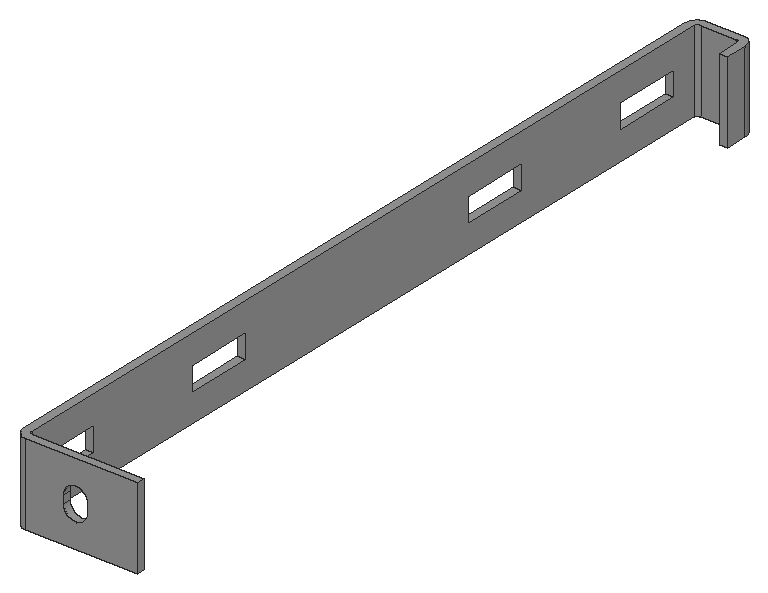
Revit family "Abhängebügel- AHB 22 314 FT", category Generic Models, Revit 2017
Family settings
  Can host rebar = No
  Round Connector Dimension = Use Diameter
  Part Type = Normal
  Work Plane-Based = No
  Always vertical = Yes
  Cut with Voids When Loaded = No
  Shared = No
  Room Calculation Point = No
Parameters (values of type "AHB 22 314 FT")
  URL = "http://www.obo-bettermann.com"
  Material = Hot-dip galvanised
  Manufacturer Art.No. = "6363886"
  Manufacturer = "OBO BETTERMANN"
  GTIN = "4012196690602"
  Cut's number = 2
  Article Type = "AHB 22 314 FT"
Reference planes
  plane 1 "Center (Front/Back)": y = 0
  plane 2: z = 0
  plane 3 "Center (Left/Right)": x = 0
  plane 4: x = 45.5
  plane 5: y = 313.5
  plane 6: y = 308.968
  plane 7: z = 30
  plane 8: x = 22.75
  plane 9: z = 15
  plane 10: y = 20.5
  plane 11: z = 15
  plane 12: y = 90.5
  plane 13: z = 15
  plane 14: y = 300
  plane 15: y = 313.5
  plane 16: z = 15
  plane 17: y = 230
  plane 18: y = 243.5
  plane 19: z = 15
  plane 20: x = 22
Forms (mm)
  Extrusion 1, solid, material "Hot-dip galvanised" <- "Material"
    sketch origin (0, 0, 0) x (1, 0, 0) y (0, 1, 0)
      loop
        line (4.5, 0) -> (45.5, 0) -> (45.5, 3) -> (4.5, 3)
        arc (4.5, 3) -> (3.439, 3.439) -> (3, 4.5) r 1.5
        line (3, 4.5) -> (3, 309)
        arc (3, 309) -> (3.439, 310.061) -> (4.5, 310.5) r 1.5
        line (4.5, 310.5) -> (17.5, 310.5)
        arc (17.5, 310.5) -> (18.561, 310.061) -> (19, 309) r 1.5
        line (19, 309) -> (19, 301.289) -> (22, 301.289) -> (22, 309)
        arc (22, 309) -> (20.682, 312.182) -> (17.5, 313.5) r 4.5
        line (17.5, 313.5) -> (4.5, 313.5)
        arc (4.5, 313.5) -> (1.318, 312.182) -> (0, 309) r 4.5
        line (0, 309) -> (0, 4.5)
        arc (0, 4.5) -> (1.318, 1.318) -> (4.5, 0) r 4.5
    from 0 to 30
  Extrusion 2, void
    sketch origin (0, 0, 0) x (1, 0, 0) y (0, 0, 1)
      loop
        line (27.25, 13.5) -> (27.25, 16.5)
        arc (27.25, 16.5) -> (22.75, 21) -> (18.25, 16.5) r 4.5
        line (18.25, 16.5) -> (18.25, 13.5)
        arc (18.25, 13.5) -> (22.75, 9) -> (27.25, 13.5) r 4.5
    from 0 to -3
  Extrusion 3, void
    sketch origin (0, 0, 0) x (0, 1, 0) y (0, 0, 1)
      loop
        line (8, 19.499) -> (8, 10.499) -> (33, 10.499) -> (33, 19.499) -> (8, 19.499)
    from 0 to 3
  Extrusion 4, void
    sketch origin (0, 70, 0) x (0, 1, 0) y (0, 0, 1)
      loop
        line (8, 19.499) -> (8, 10.499) -> (33, 10.499) -> (33, 19.499) -> (8, 19.499)
    from 0 to 3
  Extrusion 5, void
    sketch origin (0, 0, 0) x (0, 1, 0) y (0, 0, 1)
      loop
        line (275, 19.5) -> (275, 10.5) -> (300, 10.5) -> (300, 19.5) -> (275, 19.5)
    from 0 to 3
  Extrusion 6, void
    sketch origin (0, -70, 0) x (0, 1, 0) y (0, 0, 1)
      loop
        line (275, 19.5) -> (275, 10.5) -> (300, 10.5) -> (300, 19.5) -> (275, 19.5)
    from 0 to 3
Cuts and joins
  Extrusion 2, Extrusion 3, Extrusion 4, Extrusion 5, Extrusion 6 cuts Extrusion 1
Dimensions and locks
  locked: plane 1 "Center (Front/Back)" to plane 5 at 313.5
  locked: Extrusion 1 sketch curve to Extrusion 1 sketch curve at 45.5
  locked: Extrusion 1 sketch curve to Extrusion 1 sketch curve at 3  (x4)
  locked: plane 7 to level at 30
  locked: Extrusion 1 to plane 8 at 22.75
  locked: Extrusion 2 sketch curve to Extrusion 2 sketch curve at 9
  locked: plane 8 to Extrusion 2 sketch curve at 4.5
  locked: plane 9 to Extrusion 2 sketch curve at 6
  locked: Extrusion 2 sketch curve to plane 9 at 6
  locked: Extrusion 3 sketch curve to Extrusion 3 sketch curve at 9
  locked: Extrusion 3 sketch curve to plane 11 at 4.499
  locked: plane 10 to Extrusion 3 sketch curve at 12.5
  locked: Extrusion 3 sketch curve to plane 10 at 12.5
  locked: Extrusion 4 sketch curve to Extrusion 4 sketch curve at 9
  locked: Extrusion 4 sketch curve to plane 13 at 4.499
  locked: plane 12 to Extrusion 4 sketch curve at 12.5
  locked: Extrusion 4 sketch curve to plane 12 at 12.5
  locked: plane 14 to plane 15 at 13.5
  locked: Extrusion 5 sketch curve to Extrusion 5 sketch curve at 25
  locked: Extrusion 5 sketch curve to Extrusion 5 sketch curve at 9
  locked: plane 16 to Extrusion 5 sketch curve at 4.5
  locked: plane 17 to plane 18 at 13.5
  locked: Extrusion 6 sketch curve to Extrusion 6 sketch curve at 25
  locked: Extrusion 6 sketch curve to Extrusion 6 sketch curve at 9
  locked: plane 19 to Extrusion 6 sketch curve at 4.5
  locked: plane 3 "Center (Left/Right)" to plane 20 at 22
  locked: cut or joined group of Extrusion 1, Extrusion 2, Extrusion 3, Extrusion 4, Extrusion 5, Extrusion 6 to cut or joined group of Extrusion 1, Extrusion 2, Extrusion 3, Extrusion 4, Extrusion 5, Extrusion 6 at 313.5
  aligned and locked: level to plane 2
  aligned and locked: plane 1 "Center (Front/Back)" to Extrusion 1 sketch curve
  aligned and locked: Extrusion 1 to plane 3 "Center (Left/Right)"
  aligned and locked: plane 1 "Center (Front/Back)" to Extrusion 1
  aligned and locked: plane 7 to Extrusion 1
  aligned and locked: Extrusion 1 to level
  aligned and locked: Extrusion 1 to Extrusion 2
  aligned and locked: plane 1 "Center (Front/Back)" to Extrusion 2
  aligned and locked: Extrusion 5 sketch curve to plane 14
  aligned and locked: Extrusion 6 sketch curve to plane 17
  aligned and locked: Extrusion 1 to Extrusion 3
  aligned and locked: Extrusion 1 to Extrusion 4
  aligned and locked: Extrusion 1 to Extrusion 6
  aligned and locked: Extrusion 1 to Extrusion 5
Automatic sketch dimensions
  Extrusion 1 sketch curve to Extrusion 1 sketch curve = 0 mm  (x3)
  Extrusion 1 sketch curve to plane 3 "Center (Left/Right)" = 0 mm
  Extrusion 1 sketch curve to plane 5 = 0 mm
  Extrusion 1 sketch curve to plane 20 = 0 mm
  plane 3 "Center (Left/Right)" to Extrusion 1 sketch curve = 4.5 mm
  Extrusion 1 sketch curve to Extrusion 1 sketch curve = 1.5 mm
  plane 6 to Extrusion 1 sketch curve = 0.032 mm
  Extrusion 1 sketch curve to plane 6 = 7.679 mm
